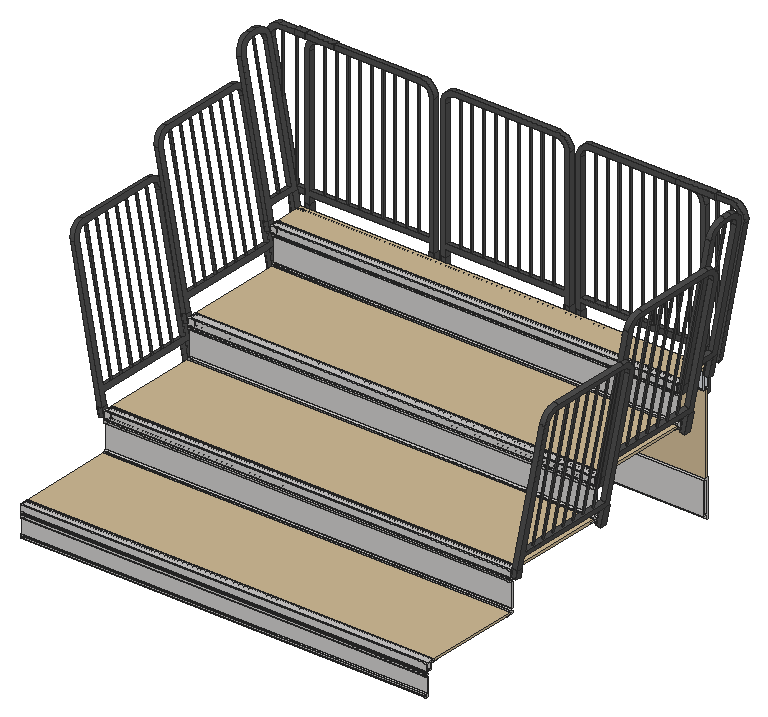
Revit family "Bleacher-Telescopic-Hussey-MAXAM_Plus-Portable-Simplified", category Specialty Equipment, Revit 2023
Family settings
  Round Connector Dimension = Use Diameter
  Part Type = Normal
  OmniClass Number = 23.40.50.34.14
  OmniClass Title = Gymnasium Equipment
  Work Plane-Based = No
  Enable Cutting in Views = No
  Always vertical = Yes
  Cut with Voids When Loaded = No
  Maintain Annotation Orientation = No
  Shared = No
  Room Calculation Point = No
Parameters (values of type "32" Row, 11 5/8" Rise")
  URL = "http://www.husseyseating.com/"
  Type Comments = "Bleacher Bank"  # constant formula
  Top Deck Height [instance] = if(Row Rise Constraint = 1, (Row Rise * Number of Tiers) + 0' 1", if(Row Rise Constraint = 2, (Row Rise * Number of Tiers) - 0' 1", Row Rise * Number of Tiers))  # 3' - 9 1/2"
  Tier Limitation Chart [instance] = "Contact Hussey Seating Company"  # constant formula
  Stanchion Color = Hussey - 301 Blue
  Show in Stowed Position [instance] = not(Show in Open Position)  # no
  Show in Open Position [instance] = yes
  Show End Rails Right [instance] = yes
  Show End Rails Left [instance] = yes
  Show Cup Holders [instance] = yes
  Show Arms [instance] = yes
  Seats Upright Visibility [instance] = and(Show in Open Position, Seats Upright)  # yes
  Seats Upright [instance] = not(Seats Folded Flat)  # yes
  Seats Folded Flat Visibility [instance] = or(Seats Folded Flat, Show in Stowed Position)  # no
  Seats Folded Flat [instance] = no
  Seat Width = 1' - 9"
  Seat Type = Bleacher Seat : Metro Chair
  Seat Down [instance] = yes
  Seat Color [instance] = Hussey - 301 Blue
  Scheduled Seat Width = if(Not Metro Chair, 1' 6", Seat Width)  # 1' - 9"
  Row Spacing Note = "Do Not Change Row Spacing Constraint"  # constant formula
  Row Spacing Graphic Dimension [instance] = if(Show in Stowed Position, (Closed Dimension - 0' 10 3/4" - (Row Spacing + 0' 1")) / (Number of Operable Tiers - 1), (Open Dimension - 0' 10 3/4" - (Row Spacing + 0' 1")) / (Number of Operable Tiers - 1))  # 2' - 8 17/32"
  Row Spacing Constraint = 2
  Row Spacing = if(Row Spacing Constraint = 1, 2' 6", if(Row Spacing Constraint = 2, 2' 8", if(Row Spacing Constraint = 3, 2' 9", 0' 0")))  # 2' - 8"
  Row Rise Note = "Do Not Change Row Rise Constraint"  # constant formula
  Row Rise Constraint = 2
  Row Rise = if(Row Rise Constraint = 1, 0' 9 5/8", if(Row Rise Constraint = 2, 0' 11 5/8", if(Row Rise Constraint = 3, 1' 4", 0' 0")))  # 0' - 11 5/8"
  Riser Material = Hussey - Galvanized Steel
  Rear Rail Width [instance] = Rear Rail Bay Dimension - 0' 2"  # 3' - 4"
  Rear Rail Bay Maximum Dimension [instance] = 3' - 4"  # constant formula
  Rear Rail Bay Dimension [instance] = Bank Length / Number of Rear Rails  # 3' - 6"
  Rear Panel Material = Hussey - Plywood - 001 Natural - Rear Panel
  Rear Panel Height [instance] = Top Deck Height - 1' 9 1/4"  # 2' - 0 1/4"
  Product Page URL = "http://www.husseyseating.com/maxam-telescopic-platform/"
  Overall Unit Height [instance] = if(Row Rise Constraint = 1, (Row Rise * Number of Tiers) + 0' 7 1/2", if(Row Rise Constraint = 2, (Row Rise * Number of Tiers) + 0' 5 1/2", (Row Rise * Number of Tiers) + 0' 6 1/2"))  # 4' - 4"
  Overall Unit Depth [instance] = if(Show in Stowed Position, Closed Dimension, Open Dimension)  # 9' - 0 13/16"
  Optional Rear Panel = yes
  Open Dimension [instance] = if(Row Spacing Constraint = 1, Row Spacing * (Number of Tiers - 1) + 1' 2 13/16", if(Row Spacing Constraint = 2, Row Spacing * (Number of Tiers - 1) + 1' 0 13/16", if(Row Spacing Constraint = 3, Row Spacing * (Number of Tiers - 1) + 0' 11 13/16", Row Spacing * (Number of Tiers - 1) + 0' 11 13/16")))  # 9' - 0 13/16"
  Number of Tiers [instance] = 4
  Number of Seats per Row [instance] = if(Calculated Chair Array Width > Calculated Chair Array Width Maximum, Calculated Number of Seats per Row - 1, Calculated Number of Seats per Row)  # 6
  Number of Rear Rails [instance] = Number of Rear Rail Bays - 1  # 3
  Number of Rear Rail Bays [instance] = (Bank Length / Rear Rail Bay Maximum Dimension) + 1  # 4
  Number of Operable Tiers [instance] = Number of Tiers - 1  # 3
  Number of Operable End Rails [instance] = Number of Operable Tiers - 1  # 2
  Not Metro Chair = not(Metro Chair)  # no
  Nose Beam Material = Hussey - Galvanized Steel
  Model = "MAXAM Plus"
  Metro Chair Top Deck Height [instance] = Top Deck Height - Row Rise  # 2' - 9 7/8"
  Metro Chair Standard Widths = "18'', 19'', 20'', 21'', 22''"  # constant formula
  Metro Chair Arms Note = "Not Available with 18'' Width"  # constant formula
  Metro Chair = yes
  Manufacturer Phone Number = "1.800.341.0401"  # constant formula
  Manufacturer Email Contact = "mailto:revit@husseyseating.com?Subject=Revit Inquiry"
  Manufacturer Address 1 = "38 Dyer Street Extension"  # constant formula
  Manufacturer Address  2 = "North Berwick, Maine 03906"  # constant formula
  Manufacturer = "Hussey Seating Company"  # constant formula
  Front Row Height [instance] = if(Row Rise = 1' 4", 1' 3 15/16", 0' 10 9/16")  # 0' - 10 9/16"
  Front Closure Material = Hussey - Galvanized Steel
  Front Closure Height [instance] = if(Show in Stowed Position, Front Row Height - 0' 4", Front Row Height - 0' 4")  # 0' - 6 9/16"
  Flex Row Note = "Not part of Revit Family - Contact Hussey Seating Co."
  Estimated Seat Count [instance] = if(Metro Chair, Number of Seats per Row * (Number of Tiers - 1), (Bank Length / 1' 6") * Number of Tiers)  # 18
  End Rail Color = Hussey - Bleacher Rail Color
  Description = "MAXAM Plus Telescopic Gym Bleacher Bank - Portable"
  Default Elevation = 0' - 0"
  Cup Holder Visibility [instance] = and(Armrest Visibility, Show Cup Holders)  # yes
  Creator URL = "http://www.revituspro.com/"
  Created By = "Revitus"  # constant formula
  Copyright Notice = "© Hussey Seating Co.  All Rights Reserved."  # constant formula
  Closed Dimension [instance] = if(and(Row Rise Constraint = 1, Row Spacing Constraint = 1), (Number of Tiers * 0' 0 1/2" + 4' 0"), if(and(Row Rise Constraint = 2, Row Spacing Constraint = 1), (Number of Tiers * 0' 0 1/2" + 4' 2"), if(and(Row Rise Constraint = 3, Row Spacing Constraint = 1), (Number of Tiers * 0' 0 1/2" + 4' 1"), if(and(Row Rise Constraint = 1, Row Spacing Constraint = 2), (Number of Tiers * 0' 0 1/2" + 3' 11"), if(and(Row Rise Constraint = 2, Row Spacing Constraint = 2), (Number of Tiers * 0' 0 1/2" + 4' 0"), if(and(Row Rise Constraint = 3, Row Spacing Constraint = 2), (Number of Tiers * 0' 0 1/2" + 3' 11"), if(and(Row Rise Constraint = 1, Row Spacing Constraint = 3), (Number of Tiers * 0' 0 1/2" + 3' 11"), if(and(Row Rise Constraint = 2, Row Spacing Constraint = 3), (Number of Tiers * 0' 0 1/2" + 3' 11"), if(and(Row Rise Constraint = 3, Row Spacing Constraint = 3), (Number of Tiers * 0' 0 1/2" + 3' 11"), (Number of Tiers * 0' 0 1/2") + 4' 0")))))))))  # 4' - 2"
  Calculated Chair Array Width [instance] = (Seat Width * Calculated Number of Seats per Row) - Seat Width  # 8' - 9"
  Calculated Number of Seats per Row [instance] = Bank Length / Seat Width  # 6
  Calculated Chair Array Width Maximum [instance] = Bank Length - Seat Width  # 8' - 9"
  CSI MasterFormat = "12 66 00"
  Bleacher Deck Material = Hussey - Plywood - 001 Natural - Bleacher Decking
  Bank Length Minimum = "10'-6''"  # constant formula
  Bank Length Maximum = "19'-5''"  # constant formula
  Bank Length Increment = "18'' Typical Increments"  # constant formula
  Bank Length [instance] = 10' - 6"
  BIM Version = "v3.1"  # constant formula
  Assembly Code = "E1020900"
  Armrest Visibility [instance] = and(Seat Width > 1' 6", Show Arms)  # yes
  Actual Chair Array Width [instance] = (Seat Width * Number of Seats per Row) - Seat Width  # 8' - 9"
  16" Row Rise Note = "Not Available for Portable Units"  # constant formula
Reference planes (in)
  plane 1 "Center (Front/Back)": y = -6.40625
  plane 2: z = 0
  plane 3 "Center (Left/Right)": x = -57
  plane 4 "Left": x = -120
  plane 5 "Right": x = 6
  plane 6 "Back": y = 48
  plane 7 "Front": y = -60.8125
  plane 8: z = 10.5625
  plane 9: y = -28.28125
  plane 10: z = 22.1875
  plane 11: y = 36.125
  plane 12: y = 4.25
  plane 13: z = 1
  plane 14 "Top Deck Height": z = 45.5
  plane 15 "End Rail Alignment - Left": through (-120, -180, 0) normal (-0.1908, 0, 0.9816)
  plane 16: z = 33.8125
  plane 17 "End Rail Alignment - Right": through (120, -180, 0) normal (-0.1908, 0, -0.9816)
  plane 18: x = -109.5
  plane 19: x = -4.5
  plane 20 "Top Tier Metro Chair Attachment (Front/Back)": y = 37.25
  plane 21 "Rear Rail - Left": x = -119
  plane 22 "Rear Rail - Right": x = 5
  plane 23: y = 49.0625
  plane 24: y = 48.1875
  plane 25: y = 49.9375
  plane 26 "Optional Rear Panel - Bottom": z = 14.5
  plane 27 "Optional Rear Panel - Top": z = 38.75
  plane 28 "Rear Lift Beam - Bottom": z = 3
  plane 29 "Optional Rear Panel - Back": y = 47.8125
  plane 30 "Optional Rear Panel - Front": y = 47.1875
  plane 31 "Rear Lift Beam - Top": z = 14.25
  plane 32 "Rear Lift Beam Channel - Bottom": z = 4.25
  plane 33 "Rear Lift Beam - Back": y = 48.0625
  plane 34 "Rear Lift Beam - Front": y = 46.3125
  plane 35: y = 46.5625
  plane 36: z = 4.5
  plane 37: z = 14
Forms (in)
  Extrusion 1, solid, material "Hussey - Plywood - 001 Natural - Rear Panel" <- "Rear Panel Material", visible <- "Optional Rear Panel"
    sketch origin (-66, 0, 0) x (0, 1, 0) y (0, 0, 1)
      loop
        line (47.1875, 14.5) -> (47.8125, 14.5) -> (47.8125, 38.75) -> (47.1875, 38.75) -> (47.1875, 14.5)
    from -54 to 72
  Extrusion 2, solid, material "Hussey - Galvanized Steel"
    sketch origin (-66, 0, -3.875) x (0, 1, 0) y (0, 0, 1)
      loop
        line (46.3125, 8.125) -> (47.8125, 8.125) -> (47.8125, 6.875) -> (48.0625, 6.875) -> (48.0625, 18.375) -> (47.8125, 18.375) -> (47.8125, 18.125) -> (46.3125, 18.125) -> (46.3125, 8.125)
      loop
        line (46.5625, 17.875) -> (46.5625, 8.375) -> (47.8125, 8.375) -> (47.8125, 17.875) -> (46.5625, 17.875)
    from -54 to 72
Lines and regions (in)
  reference lines, visible <- "Show End Rails Left"
    curve 1: line (-132, 48, 0) -> (-132, -60.8125, 0)
  reference lines, visible <- "Show End Rails Right"
    curve 2: line (18, 48, 0) -> (18, -60.8125, 0)
Dimensions and locks (in)
  equal spacing: plane 4 "Left", plane 3 "Center (Left/Right)", plane 5 "Right"
  "Bank Length": plane 4 "Left" to plane 5 "Right"
  equal spacing: plane 6 "Back", plane 1 "Center (Front/Back)", plane 7 "Front"
  "Overall Unit Depth": plane 6 "Back" to plane 7 "Front"
  "Row Spacing Graphic Dimension": plane 7 "Front" to plane 9
  locked: plane 11 to plane 6 "Back" at 11.875
  "Row Rise": plane 10 to plane 8
  "Front Row Height": plane 8 to level
  "Row Spacing Graphic Dimension": plane 9 to plane 12
  locked: plane 13 to level at 1
  equal spacing: group 1, group 2, group 3  (x3)
  "Top Deck Height": plane 14 "Top Deck Height" to level
  "Row Rise": plane 16 to plane 10
  group 4 to group 5 = 0' - 0"
  group 4 to group 5 = 2' - 8 17/32"
  group 4 to group 5 = 0' - 11 5/8"
  group 6 to group 7 = 0' - 0"
  group 6 to group 7 = 2' - 8 17/32"
  group 6 to group 7 = 0' - 11 5/8"
  locked: curve 1 to plane 4 "Left" at 12
  locked: plane 5 "Right" to curve 2 at 12
  equal spacing: group 8, group 9, group 10  (x3)
  equal spacing: plane 18, plane 3 "Center (Left/Right)", plane 19
  "Calculated Chair Array Width": plane 18 to plane 19
  locked: plane 20 "Top Tier Metro Chair Attachment (Front/Back)" to plane 6 "Back" at 10.75
  locked: plane 21 "Rear Rail - Left" to plane 4 "Left" at 1
  locked: plane 22 "Rear Rail - Right" to plane 5 "Right" at 1
  plane 6 "Back" to plane 24 to plane 25 = 0' - 0 3/16" locked, 0' - 1 3/4" locked
  equal spacing: plane 24, plane 23, plane 25
  equal spacing: group 11, group 13, group 12  (x3)
  plane 26 "Optional Rear Panel - Bottom" to plane 28 "Rear Lift Beam - Bottom" to level = 0' - 11 1/2" locked, 0' - 3" locked
  "Rear Panel Height": plane 27 "Optional Rear Panel - Top" to plane 26 "Optional Rear Panel - Bottom"
  plane 30 "Optional Rear Panel - Front" to plane 29 "Optional Rear Panel - Back" to plane 23 = 0' - 0 5/8" locked, 0' - 1 1/4" locked
  plane 26 "Optional Rear Panel - Bottom" to plane 31 "Rear Lift Beam - Top" to plane 32 "Rear Lift Beam Channel - Bottom" = 0' - 0 1/4" locked, 0' - 10" locked
  locked: plane 29 "Optional Rear Panel - Back" to plane 33 "Rear Lift Beam - Back" at 0.25
  locked: plane 34 "Rear Lift Beam - Front" to plane 35 at 0.25
  locked: plane 32 "Rear Lift Beam Channel - Bottom" to plane 36 at 0.25
  locked: plane 37 to plane 31 "Rear Lift Beam - Top" at 0.25
  group 14 to group 15 = 0' - 0"
  group 14 to group 15 = 2' - 8 17/32"
  group 14 to group 15 = 0' - 11 5/8"
  aligned and locked: level to plane 2
  aligned and locked: plane 13 to nested 1
  aligned and locked: nested 1 to plane 7 "Front"
  aligned and locked: nested 1 to plane 4 "Left"
  aligned and locked: nested 2 to plane 7 "Front"
  aligned and locked: plane 8 to nested 2
  aligned and locked: nested 2 to plane 4 "Left"
  aligned and locked: nested 4 to plane 9
  aligned and locked: plane 10 to nested 4
  aligned and locked: plane 11 to nested 3
  aligned and locked: plane 14 "Top Deck Height" to nested 3
  aligned and locked: plane 4 "Left" to nested 3
  aligned and locked: nested 6 to plane 9
  aligned and locked: plane 4 "Left" to nested 6
  aligned and locked: plane 4 "Left" to nested 7
  aligned and locked: plane 11 to nested 7
  aligned and locked: nested 6 to plane 10
  aligned and locked: nested 7 to plane 14 "Top Deck Height"
  aligned and locked: nested 8 to plane 16
  aligned and locked: plane 12 to nested 8
  aligned and locked: plane 10 to nested 9
  aligned and locked: nested 9 to plane 5 "Right"
  aligned and locked: nested 9 to plane 9
  aligned and locked: nested 10 to plane 12
  aligned and locked: plane 16 to nested 10
  aligned and locked: nested 10 to plane 5 "Right"
  aligned and locked: nested 11 to plane 11
  aligned and locked: nested 12 to plane 4 "Left"
  aligned and locked: plane 8 to nested 12
  aligned and locked: nested 12 to plane 7 "Front"
  aligned and locked: plane 4 "Left" to nested 13
  aligned and locked: plane 11 to nested 13
  aligned and locked: nested 14 to plane 9
  aligned and locked: plane 4 "Left" to nested 14
  aligned and locked: plane 10 to nested 14
  aligned and locked: nested 11 to nested 13
  aligned and locked: plane 14 "Top Deck Height" to nested 16
  aligned and locked: plane 23 to nested 16
  aligned and locked: plane 21 "Rear Rail - Left" to nested 16
  aligned and locked: plane 14 "Top Deck Height" to nested 17
  aligned and locked: plane 23 to nested 17
  aligned and locked: plane 22 "Rear Rail - Right" to nested 17
  aligned and locked: plane 21 "Rear Rail - Left" to nested 19
  aligned and locked: plane 14 "Top Deck Height" to nested 19
  aligned and locked: nested 19 to plane 23
  aligned and locked: nested 20 to plane 22 "Rear Rail - Right"
  aligned and locked: plane 14 "Top Deck Height" to nested 20
  aligned and locked: nested 20 to plane 23
  aligned and locked: plane 3 "Center (Left/Right)" to nested 21
  aligned and locked: nested 21 to plane 20 "Top Tier Metro Chair Attachment (Front/Back)"
  aligned and locked: Extrusion 1 sketch curve to plane 30 "Optional Rear Panel - Front"
  aligned and locked: Extrusion 1 sketch curve to plane 27 "Optional Rear Panel - Top"
  aligned and locked: Extrusion 1 sketch curve to plane 29 "Optional Rear Panel - Back"
  aligned and locked: Extrusion 1 sketch curve to plane 26 "Optional Rear Panel - Bottom"
  aligned and locked: Extrusion 2 sketch curve to plane 34 "Rear Lift Beam - Front"
  aligned and locked: Extrusion 2 sketch curve to plane 35
  aligned and locked: Extrusion 2 sketch curve to plane 31 "Rear Lift Beam - Top"
  aligned and locked: Extrusion 2 sketch curve to plane 37
  aligned and locked: Extrusion 2 sketch curve to plane 29 "Optional Rear Panel - Back"  (x3)
  aligned and locked: Extrusion 2 sketch curve to plane 33 "Rear Lift Beam - Back"
  aligned and locked: Extrusion 2 sketch curve to plane 26 "Optional Rear Panel - Bottom"
  aligned and locked: Extrusion 2 sketch curve to plane 28 "Rear Lift Beam - Bottom"
  aligned and locked: Extrusion 2 sketch curve to plane 36
  aligned and locked: Extrusion 2 sketch curve to plane 32 "Rear Lift Beam Channel - Bottom"
  aligned and locked: Extrusion 2 to plane 4 "Left"
  aligned and locked: Extrusion 1 to plane 4 "Left"
  aligned and locked: Extrusion 2 to plane 5 "Right"
  aligned and locked: Extrusion 1 to plane 5 "Right"
  aligned and locked: plane 3 "Center (Left/Right)" to nested 22
  aligned and locked: plane 8 to nested 22
  aligned and locked: nested 22 to nested 2
  aligned and locked: nested 23 to nested 4
  aligned and locked: plane 10 to nested 23
  aligned and locked: plane 3 "Center (Left/Right)" to nested 23
  aligned and locked: nested 9 to nested 11
Automatic sketch dimensions
  plane 7 "Front" to curve 2 = 0' - 0"
  curve 2 to plane 6 "Back" = 0' - 0"
  plane 7 "Front" to curve 1 = 0' - 0"
  curve 1 to plane 6 "Back" = 0' - 0"
Nested families (in)
  nested 1: "Bleacher-Front_Closure-Hussey" at (0, -48.8125, 1), Height <- "Front Closure Height", Bank Length <- "Bank Length", type "Bleacher-Front_Closure-Hussey"
    with Height 0' - 6 9/16", Bank Length 10' - 6"
  nested 2: "Bleacher_Tier-Hussey-MAXAM" at (0, -48.8125, 10.5625), Bank Length <- "Bank Length", type "Typical Operable Tier"
    with Bank Length 10' - 6", Row Spacing 2' - 8", Depth 2' - 8"
  nested 3: "Bleacher_Tier-Hussey-MAXAM" at (0, 48.125, 45.5), Bank Length <- "Bank Length", type "Fixed Wall Tier"
    with Bank Length 10' - 6", Show Wall Plate yes, Show Riser no, Depth 0' - 11 1/8"
  nested 4: "Bleacher_Tier-Hussey-MAXAM" at (0, -16.28125, 22.1875), Bank Length <- "Bank Length", type "Typical Operable Tier"
    with Bank Length 10' - 6", Row Spacing 2' - 8", Depth 2' - 8"
  nested 5: "Bleacher_Tier-Hussey-MAXAM" at (0, 16.25, 33.8125), Bank Length <- "Bank Length", type "Typical Operable Tier"
    with Bank Length 10' - 6", Row Spacing 2' - 8", Depth 2' - 8"
  nested 6: "Bleacher-End_Rail-Hussey-Self_Storing" at (-2.32744, -16.28125, 43.31432) x (0.9816, 0, 0.1908) z (-0.1908, 0, 0.9816), Depth <- "Row Spacing", visible <- "Show End Rails Left", type "Left End Rail"
    with Single Baluster no, Number of Balusters 7, Multiple Balusters yes, Depth 2' - 8", Baluster Spacing 0' - 4"
  nested 7: "Bleacher-End_Rail-Hussey-Self_Storing" at (-2.32744, 48.125, 66.62682) x (0.9816, 0, 0.1908) z (-0.1908, 0, 0.9816), visible <- "Show End Rails Left", type "Left End Rail"
    with Single Baluster yes, Number of Balusters 2, Multiple Balusters no, Depth 0' - 9 1/4", Baluster Spacing 0' - 4 3/8"
  nested 8: "Bleacher-End_Rail-Hussey-Self_Storing" at (-2.32744, 16.25, 54.93932) x (0.9816, 0, 0.1908) z (-0.1908, 0, 0.9816), Depth <- "Row Spacing", visible <- "Show End Rails Left", type "Left End Rail"
    with Single Baluster no, Number of Balusters 7, Multiple Balusters yes, Depth 2' - 8", Baluster Spacing 0' - 4"
  nested 9: "Bleacher-End_Rail-Hussey-Self_Storing" at (125.39041, -16.28125, -2.76605) x (0.9816, 0, -0.1908) z (0.1908, 0, 0.9816), visible <- "Show End Rails Right", Depth <- "Row Spacing", type "Right End Rail"
    with Single Baluster no, Number of Balusters 7, Multiple Balusters yes, Depth 2' - 8", Baluster Spacing 0' - 4", Right End Rail yes, Left End Rail no
  nested 10: "Bleacher-End_Rail-Hussey-Self_Storing" at (125.39041, 16.25, 8.85895) x (0.9816, 0, -0.1908) z (0.1908, 0, 0.9816), visible <- "Show End Rails Right", Depth <- "Row Spacing", type "Right End Rail"
    with Single Baluster no, Number of Balusters 7, Multiple Balusters yes, Depth 2' - 8", Baluster Spacing 0' - 4", Right End Rail yes, Left End Rail no
  nested 11: "Bleacher-End_Rail-Hussey-Self_Storing" at (125.39041, 48.125, 20.54645) x (0.9816, 0, -0.1908) z (0.1908, 0, 0.9816), visible <- "Show End Rails Right", type "Right End Rail"
    with Single Baluster yes, Number of Balusters 2, Multiple Balusters no, Depth 0' - 9 1/4", Baluster Spacing 0' - 4 3/8", Right End Rail yes, Left End Rail no
  nested 12: "Bleacher Seat" at (0, -48.8125, 10.5625), type <- "Seat Type", Bank Length <- "Bank Length", type "Metro Chair"
    with Bank Length 10' - 6", Show XC10 no, Show Metro Chair yes
  nested 13: "Bleacher Seat" at (0, 48.125, 45.5), type <- "Seat Type", Bank Length <- "Bank Length", built-in parameter 1001364 <- "Top Deck Height", type "Metro Chair"
    with Bank Length 10' - 6", Show XC10 no, Show Metro Chair yes
  nested 14: "Bleacher Seat" at (0, -16.28125, 22.1875), type <- "Seat Type", Bank Length <- "Bank Length", type "Metro Chair"
    with Bank Length 10' - 6", Show XC10 no, Show Metro Chair yes
  nested 15: "Bleacher Seat" at (0, 16.25, 33.8125), type <- "Seat Type", Bank Length <- "Bank Length", type "Metro Chair"
    with Bank Length 10' - 6", Show XC10 no, Show Metro Chair yes
  nested 16: "Bleacher-Rear_Rail-Hussey" at (-107, -71.6875, 37.125) x (0, -1, 0) z (0, 0, 1), type "Rear Rail"
    with Number of Balusters 9, Baluster Spacing 0' - 4", Width 3' - 4"
  nested 17: "Bleacher-Rear_Rail-Hussey" at (-23, -71.6875, 37.125) x (0, -1, 0) z (0, 0, 1), type "Rear Rail"
    with Number of Balusters 9, Baluster Spacing 0' - 4", Width 3' - 4"
  nested 18: "Bleacher-Rear_Rail-Hussey" at (-65, -71.6875, 37.125) x (0, -1, 0) z (0, 0, 1), type "Rear Rail"
    with Number of Balusters 9, Baluster Spacing 0' - 4", Width 3' - 4"
  nested 19: "Bleacher-Rear_Rail_Filler-Hussey" at (-107, -71.6875, 37.125) x (0, -1, 0) z (0, 0, 1), visible <- "Show End Rails Left", type "Rear Rail Filler"
  nested 20: "Bleacher-Rear_Rail_Filler-Hussey" at (-7, 169.8125, 37.125) x (0, 1, 0) z (0, 0, 1), visible <- "Show End Rails Right", type "Rear Rail Filler"
  nested 21: "Metro Chair-Single Row Array-Simplified" at (-57, 37.25, 33.875), visible <- "Metro Chair", built-in parameter 1001364 <- "Metro Chair Top Deck Height", type "Metro Chair-Single Row Array-Simplified"
    with Seats Upright yes, Seats Folded Flat no, Number of Seats per Row 6, Chair Array Width to First and Last Centers 8' - 9"
  nested 22: "Metro Chair-Single Row Array-Simplified" at (-57, -27.78125, 10.5625), visible <- "Metro Chair", Seats Upright <- "Seats Upright Visibility", Seats Folded Flat <- "Seats Folded Flat Visibility", type "Metro Chair-Single Row Array-Simplified"
    with Seats Upright yes, Seats Folded Flat no, Number of Seats per Row 6, Chair Array Width to First and Last Centers 8' - 9"
  nested 23: "Metro Chair-Single Row Array-Simplified" at (-57, 4.75, 22.1875), visible <- "Metro Chair", Seats Upright <- "Seats Upright Visibility", Seats Folded Flat <- "Seats Folded Flat Visibility", type "Metro Chair-Single Row Array-Simplified"
    with Seats Upright yes, Seats Folded Flat no, Number of Seats per Row 6, Chair Array Width to First and Last Centers 8' - 9"
Definition of nested family "Bleacher-Front_Closure-Hussey"
  Parameters
    URL = "http://www.husseyseating.com/"
    Model = ""
    Manufacturer = "Hussey Seating Company"  # constant formula
    Height [instance] = 0' - 6 5/8"
    Front Closure Material = none
    Description = "Front Closure Extrusion Under First Tier"
    Default Elevation = 0' - 0"
    Created By = "Revitus"  # constant formula
    Creator URL = "http://www.revituspro.com/"
    Bank Length [instance] = 20' - 0"
    Assembly Code = ""
  Reference planes (in)
    plane 1: z = 0
    plane 2 "Center (Left/Right)": x = 0
    plane 3 "Left": x = -120
    plane 4 "Right": x = 120
    plane 5 "Front": y = -12
    plane 6: z = 6.625
    plane 7: z = 6.53125
    plane 8: y = -11.90625
    plane 9: y = -11.59415
    plane 10: y = -11.5004
    plane 11: z = 6.125
    plane 12: z = 0.5
    plane 13: z = 0.09375
  Forms (in)
    Extrusion 1, solid, material <- "Front Closure Material"
      sketch origin (0, -12.09375, 9.751) x (0, 1, 0) y (0, 0, 1)
        loop
          arc (0.09375, -3.8615) -> (0.1114, -3.93365) -> (0.16038, -3.98949) r 0.15625
          line (0.16038, -3.98949) -> (0.47295, -4.20836)
          arc (0.47295, -4.20836) -> (0.49254, -4.23069) -> (0.4996, -4.25955) r 0.0625
          line (0.4996, -4.25955) -> (0.4996, -8.61745)
          arc (0.4996, -8.61745) -> (0.49254, -8.64631) -> (0.47295, -8.66864) r 0.0625
          line (0.47295, -8.66864) -> (0.16038, -8.88751)
          arc (0.16038, -8.88751) -> (0.1114, -8.94335) -> (0.09375, -9.0155) r 0.15625
          line (0.09375, -9.0155) -> (0.09375, -9.59475)
          arc (0.09375, -9.59475) -> (0.13951, -9.70524) -> (0.25, -9.751) r 0.15625
          line (0.25, -9.751) -> (0.4371, -9.751)
          arc (0.4371, -9.751) -> (0.54759, -9.70524) -> (0.59335, -9.59475) r 0.15625
          line (0.59335, -9.59475) -> (0.59335, -9.251) -> (0.4996, -9.251) -> (0.4996, -9.59475)
          arc (0.4996, -9.59475) -> (0.48129, -9.63894) -> (0.4371, -9.65725) r 0.0625
          line (0.4371, -9.65725) -> (0.25, -9.65725)
          arc (0.25, -9.65725) -> (0.20581, -9.63894) -> (0.1875, -9.59475) r 0.0625
          line (0.1875, -9.59475) -> (0.1875, -9.0155)
          arc (0.1875, -9.0155) -> (0.19456, -8.98664) -> (0.21415, -8.9643) r 0.0625
          line (0.21415, -8.9643) -> (0.52672, -8.74544)
          arc (0.52672, -8.74544) -> (0.5757, -8.68959) -> (0.59335, -8.61745) r 0.15625
          line (0.59335, -8.61745) -> (0.59335, -4.25955)
          arc (0.59335, -4.25955) -> (0.5757, -4.18741) -> (0.52672, -4.13156) r 0.15625
          line (0.52672, -4.13156) -> (0.21415, -3.9127)
          arc (0.21415, -3.9127) -> (0.19456, -3.89036) -> (0.1875, -3.8615) r 0.0625
          line (0.1875, -3.8615) -> (0.1875, -3.28225)
          arc (0.1875, -3.28225) -> (0.20581, -3.23806) -> (0.25, -3.21975) r 0.0625
          line (0.25, -3.21975) -> (0.4371, -3.21975)
          arc (0.4371, -3.21975) -> (0.48129, -3.23806) -> (0.4996, -3.28225) r 0.0625
          line (0.4996, -3.28225) -> (0.4996, -3.626) -> (0.59335, -3.626) -> (0.59335, -3.28225)
          arc (0.59335, -3.28225) -> (0.54759, -3.17176) -> (0.4371, -3.126) r 0.15625
          line (0.4371, -3.126) -> (0.25, -3.126)
          arc (0.25, -3.126) -> (0.13951, -3.17176) -> (0.09375, -3.28225) r 0.15625
          line (0.09375, -3.28225) -> (0.09375, -3.8615)
      from -120 to 120
  Dimensions and locks (in)
    "Bank Length": plane 3 "Left" to plane 4 "Right"
    equal spacing: plane 3 "Left", plane 2 "Center (Left/Right)", plane 4 "Right"
    "Height": plane 6 to level
    plane 5 "Front" to plane 8 to plane 9 to plane 10 = 0' - 0 3/32" locked, 0' - 0.3121" locked, 0' - 0 3/32" locked
    plane 6 to plane 7 to plane 11 = 0' - 0 3/32" locked, 0' - 0 13/32" locked
    plane 12 to plane 13 to level = 0' - 0 13/32" locked, 0' - 0 3/32" locked
    aligned and locked: plane 1 to level
    aligned and locked: Extrusion 1 to plane 3 "Left"
    aligned and locked: Extrusion 1 to plane 4 "Right"
    aligned and locked: plane 6 to Extrusion 1
  Automatic sketch dimensions
    Extrusion 1 sketch curve to Extrusion 1 sketch curve = 0' - 0"  (x16)
    Extrusion 1 sketch curve to plane 5 "Front" = 0' - 0"  (x2)
    Extrusion 1 sketch curve to plane 8 = 0' - 0"  (x2)
    Extrusion 1 sketch curve to level = 0' - 0"
    Extrusion 1 sketch curve to plane 6 = 0' - 0"
    Extrusion 1 sketch curve to plane 9 = 0' - 0"  (x3)
    Extrusion 1 sketch curve to plane 10 = 0' - 0"
    Extrusion 1 sketch curve to plane 12 = 0' - 0"
    Extrusion 1 sketch curve to plane 11 = 0' - 0"
    plane 8 to Extrusion 1 sketch curve = 0' - 0.02712"  (x2)
    Extrusion 1 sketch curve to plane 8 = 0' - 0.02665"  (x2)
    Extrusion 1 sketch curve to Extrusion 1 sketch curve = 0' - 0 1/16"  (x3)
    Extrusion 1 sketch curve to plane 8 = 0' - 0 1/16"  (x2)
    plane 9 to Extrusion 1 sketch curve = 0' - 0 1/16"  (x3)
    plane 9 to Extrusion 1 sketch curve = 0' - 0.02665"  (x2)
    Extrusion 1 sketch curve to plane 9 = 0' - 0.02712"  (x2)
    plane 12 to Extrusion 1 sketch curve = 0' - 0.2355"
    Extrusion 1 sketch curve to Extrusion 1 sketch curve = 0' - 0.21886"
    Extrusion 1 sketch curve to plane 11 = 0' - 0.63355"
    Extrusion 1 sketch curve to plane 11 = 0' - 0.36349"
Definition of nested family "Bleacher_Tier-Hussey-MAXAM"
  Parameters
    URL = "http://www.husseyseating.com/"
    Show Wall Plate = not(Show Riser)  # no
    Show Riser = yes
    Row Spacing = 2' - 0"
    Row Rise = 0' - 11 5/8"
    Riser Material = none
    Nose Beam Material = none
    Manufacturer = "Hussey Seating Company"  # constant formula
    Depth = if(Show Wall Plate, 0' 11 1/8", Row Spacing)  # 2' - 0"
    Default Elevation = 0' - 0"
    Decking Material = none
    Created By = "Revitus"  # constant formula
    Creator URL = "http://www.revituspro.com/"
    Bank Length [instance] = 20' - 0"
    Assembly Code = ""
  Reference planes (in)
    plane 1 "Center (Front/Back)": y = 0
    plane 2: z = 0
    plane 3 "Center (Left/Right)": x = 0
    plane 4 "Left": x = -120
    plane 5 "Right": x = 120
    plane 6 "Front": y = -12
    plane 7 "Row Spacing Back": y = 12
    plane 8: z = 11.625
    plane 9: z = -0.625
    plane 10: y = -9.25
    plane 11 "Face of Wall": y = 12.75
    plane 12: y = 13.03125
    plane 13: y = 13.125
    plane 14: z = -2.4375
    plane 15: y = -8.25
    plane 16: z = -0.09375
    plane 17: z = -0.1875
    plane 18: y = -10.5625
    plane 19: y = -10.65625
    plane 20: y = -11.90625
    plane 21: y = -9.34375
    plane 22: z = -0.71875
    plane 23: z = -2.34375
    plane 24: y = -9.4375
    plane 25: z = 8.75
    plane 26: z = 8.65625
    plane 27: z = 0.09375
    plane 28: y = 14.53125
    plane 29: y = 14.625
    plane 30: z = 8.25
    plane 31: y = 11.125
    plane 32 "Wall Plate - Front": y = 11
    plane 33: y = 12.625
    plane 34: z = -0.75
    plane 35: z = -6.125
    plane 36: z = -6.25
  Forms (in)
    Extrusion 1, solid, material <- "Decking Material"
      sketch origin (0, 0, 0) x (0, 1, 0) y (0, 0, 1)
        loop
          line (-9.25, 0) -> (-9.25, -0.625) -> (12.75, -0.625) -> (12.75, 0) -> (-9.25, 0)
      from -120 to 120
    Extrusion 2, solid, material <- "Nose Beam Material"
      sketch origin (0, 0, 0) x (0, 1, 0) y (0, 0, 1)
        loop
          arc (-11.8125, 0) -> (-11.94508, -0.05492) -> (-12, -0.1875) r 0.1875
          line (-12, -0.1875) -> (-12, -2.25)
          arc (-12, -2.25) -> (-11.94508, -2.38258) -> (-11.8125, -2.4375) r 0.1875
          line (-11.8125, -2.4375) -> (-10.75, -2.4375)
          arc (-10.75, -2.4375) -> (-10.61742, -2.38258) -> (-10.5625, -2.25) r 0.1875
          line (-10.5625, -2.25) -> (-10.5625, -0.28125)
          arc (-10.5625, -0.28125) -> (-10.53504, -0.21496) -> (-10.46875, -0.1875) r 0.09375
          line (-10.46875, -0.1875) -> (-9.4375, -0.1875) -> (-9.4375, -0.09375)
          arc (-9.4375, -0.09375) -> (-9.37121, -0.12121) -> (-9.34375, -0.1875) r 0.09375
          line (-9.34375, -0.1875) -> (-9.34375, -0.53125)
          arc (-9.34375, -0.53125) -> (-9.28883, -0.66383) -> (-9.15625, -0.71875) r 0.1875
          line (-9.15625, -0.71875) -> (-8.25, -0.71875) -> (-8.25, -0.625) -> (-9.15625, -0.625)
          arc (-9.15625, -0.625) -> (-9.22254, -0.59754) -> (-9.25, -0.53125) r 0.09375
          line (-9.25, -0.53125) -> (-9.25, -0.1875)
          arc (-9.25, -0.1875) -> (-9.30492, -0.05492) -> (-9.4375, 0) r 0.1875
          line (-9.4375, 0) -> (-11.8125, 0)
        loop
          arc (-11.8125, -0.09375) -> (-11.87879, -0.12121) -> (-11.90625, -0.1875) r 0.09375
          line (-11.90625, -0.1875) -> (-11.90625, -2.25)
          arc (-11.90625, -2.25) -> (-11.87879, -2.31629) -> (-11.8125, -2.34375) r 0.09375
          line (-11.8125, -2.34375) -> (-10.75, -2.34375)
          arc (-10.75, -2.34375) -> (-10.68371, -2.31629) -> (-10.65625, -2.25) r 0.09375
          line (-10.65625, -2.25) -> (-10.65625, -0.28125)
          arc (-10.65625, -0.28125) -> (-10.60133, -0.14867) -> (-10.46875, -0.09375) r 0.1875
          line (-10.46875, -0.09375) -> (-11.8125, -0.09375)
      from -120 to 120
    Extrusion 3, solid, material <- "Riser Material", visible <- "Show Riser"
      sketch origin (0, 0, 0) x (0, 1, 0) y (0, 0, 1)
        loop
          arc (12.43197, 8.75) -> (12.25086, 8.61103) -> (12.33822, 8.40012) r 0.1875
          line (12.33822, 8.40012) -> (12.98437, 8.02706)
          arc (12.98437, 8.02706) -> (13.01869, 7.99275) -> (13.03125, 7.94587) r 0.09375
          line (13.03125, 7.94587) -> (13.03125, 0.80413)
          arc (13.03125, 0.80413) -> (13.01869, 0.75725) -> (12.98437, 0.72294) r 0.09375
          line (12.98437, 0.72294) -> (12.33822, 0.34988)
          arc (12.33822, 0.34988) -> (12.25086, 0.13897) -> (12.43197, 0) r 0.1875
          line (12.43197, 0) -> (12.9375, 0)
          arc (12.9375, 0) -> (13.00379, -0.02746) -> (13.03125, -0.09375) r 0.09375
          line (13.03125, -0.09375) -> (13.03125, -0.53125)
          arc (13.03125, -0.53125) -> (13.00379, -0.59754) -> (12.9375, -0.625) r 0.09375
          line (12.9375, -0.625) -> (11.125, -0.625) -> (11.125, -0.71875) -> (12.9375, -0.71875)
          arc (12.9375, -0.71875) -> (13.07008, -0.66383) -> (13.125, -0.53125) r 0.1875
          line (13.125, -0.53125) -> (13.125, -0.09375)
          arc (13.125, -0.09375) -> (13.07008, 0.03883) -> (12.9375, 0.09375) r 0.1875
          line (12.9375, 0.09375) -> (12.43197, 0.09375)
          arc (12.43197, 0.09375) -> (12.34142, 0.16324) -> (12.3851, 0.26869) r 0.09375
          line (12.3851, 0.26869) -> (13.03125, 0.64175)
          arc (13.03125, 0.64175) -> (13.09988, 0.71038) -> (13.125, 0.80413) r 0.1875
          line (13.125, 0.80413) -> (13.125, 7.94587)
          arc (13.125, 7.94587) -> (13.09988, 8.03962) -> (13.03125, 8.10825) r 0.1875
          line (13.03125, 8.10825) -> (12.3851, 8.48131)
          arc (12.3851, 8.48131) -> (12.34142, 8.58676) -> (12.43197, 8.65625) r 0.09375
          line (12.43197, 8.65625) -> (14.4375, 8.65625)
          arc (14.4375, 8.65625) -> (14.50379, 8.62879) -> (14.53125, 8.5625) r 0.09375
          line (14.53125, 8.5625) -> (14.53125, 8.25) -> (14.625, 8.25) -> (14.625, 8.5625)
          arc (14.625, 8.5625) -> (14.57008, 8.69508) -> (14.4375, 8.75) r 0.1875
          line (14.4375, 8.75) -> (12.43197, 8.75)
      from -120 to 120
    Extrusion 4, solid, visible <- "Show Wall Plate"
      sketch origin (0, 0, 0) x (0, 1, 0) y (0, 0, 1)
        loop
          arc (11, -6) -> (11.07322, -6.17678) -> (11.25, -6.25) r 0.25
          line (11.25, -6.25) -> (12.5, -6.25)
          arc (12.5, -6.25) -> (12.67678, -6.17678) -> (12.75, -6) r 0.25
          line (12.75, -6) -> (12.75, -0.875)
          arc (12.75, -0.875) -> (12.67678, -0.69822) -> (12.5, -0.625) r 0.25
          line (12.5, -0.625) -> (11.25, -0.625)
          arc (11.25, -0.625) -> (11.07322, -0.69822) -> (11, -0.875) r 0.25
          line (11, -0.875) -> (11, -6)
        loop
          arc (11.125, -6) -> (11.16161, -6.08839) -> (11.25, -6.125) r 0.125
          line (11.25, -6.125) -> (12.5, -6.125)
          arc (12.5, -6.125) -> (12.58839, -6.08839) -> (12.625, -6) r 0.125
          line (12.625, -6) -> (12.625, -0.875)
          arc (12.625, -0.875) -> (12.58839, -0.78661) -> (12.5, -0.75) r 0.125
          line (12.5, -0.75) -> (11.25, -0.75)
          arc (11.25, -0.75) -> (11.16161, -0.78661) -> (11.125, -0.875) r 0.125
          line (11.125, -0.875) -> (11.125, -6)
      from -120 to 120
  Dimensions and locks (in)
    "Bank Length": plane 4 "Left" to plane 5 "Right"
    equal spacing: plane 4 "Left", plane 3 "Center (Left/Right)", plane 5 "Right"
    equal spacing: plane 6 "Front", plane 1 "Center (Front/Back)", plane 7 "Row Spacing Back"
    "Depth": plane 7 "Row Spacing Back" to plane 6 "Front"
    "Row Rise": plane 8 to level
    plane 6 "Front" to plane 10 to plane 15 = 0' - 2 3/4" locked, 0' - 1" locked
    plane 7 "Row Spacing Back" to plane 11 "Face of Wall" to plane 12 to plane 13 = 0' - 0 3/4" locked, 0' - 0 9/32" locked, 0' - 0 3/32" locked
    level to plane 9 to plane 14 = 0' - 0 5/8" locked, 0' - 1 13/16" locked
    level to plane 16 to plane 17 = 0' - 0 3/32" locked, 0' - 0 3/32" locked
    plane 6 "Front" to plane 20 to plane 19 to plane 18 = 0' - 0 3/32" locked, 0' - 1 1/4" locked, 0' - 0 3/32" locked
    plane 24 to plane 21 to plane 10 = 0' - 0 3/32" locked, 0' - 0 3/32" locked
    locked: plane 9 to plane 22 at 0.09375
    locked: plane 23 to plane 14 at 0.09375
    plane 8 to plane 25 to plane 26 = 0' - 2 7/8" locked, 0' - 0 3/32" locked
    locked: plane 27 to level at 0.09375
    plane 12 to plane 28 to plane 29 = 0' - 1 1/2" locked, 0' - 0 3/32" locked
    locked: plane 25 to plane 30 at 0.5
    plane 9 to plane 34 to plane 35 to plane 36 = 0' - 0 1/8" locked, 0' - 5 3/8" locked, 0' - 0 1/8" locked
    plane 32 "Wall Plate - Front" to plane 31 to plane 33 to plane 11 "Face of Wall" = 0' - 0 1/8" locked, 0' - 1 1/2" locked, 0' - 0 1/8" locked
    aligned and locked: plane 2 to level
    aligned and locked: Extrusion 1 sketch curve to level
    aligned and locked: Extrusion 1 sketch curve to plane 10
    aligned and locked: Extrusion 1 sketch curve to plane 9
    aligned and locked: Extrusion 1 sketch curve to plane 11 "Face of Wall"
    aligned and locked: Extrusion 1 to plane 4 "Left"
    aligned and locked: Extrusion 1 to plane 5 "Right"
    aligned and locked: Extrusion 2 sketch curve to level
    aligned and locked: Extrusion 2 sketch curve to plane 16
    aligned and locked: Extrusion 2 sketch curve to plane 17
    aligned and locked: Extrusion 2 sketch curve to plane 6 "Front"
    aligned and locked: plane 20 to Extrusion 2 sketch curve
    aligned and locked: plane 19 to Extrusion 2 sketch curve
    aligned and locked: plane 18 to Extrusion 2 sketch curve
    aligned and locked: plane 21 to Extrusion 2 sketch curve
    aligned and locked: Extrusion 2 sketch curve to plane 10
    aligned and locked: Extrusion 2 sketch curve to plane 15
    aligned and locked: Extrusion 2 sketch curve to plane 23
    aligned and locked: Extrusion 2 sketch curve to plane 14
    aligned and locked: Extrusion 2 sketch curve to plane 9
    aligned and locked: Extrusion 2 sketch curve to plane 22
    aligned and locked: plane 24 to Extrusion 2 sketch curve
    aligned and locked: Extrusion 2 to plane 4 "Left"
    aligned and locked: Extrusion 2 to plane 5 "Right"
    aligned and locked: Extrusion 3 sketch curve to plane 25
    aligned and locked: Extrusion 3 sketch curve to plane 26
    aligned and locked: Extrusion 3 sketch curve to plane 13
    aligned and locked: Extrusion 3 sketch curve to plane 12
    aligned and locked: Extrusion 3 sketch curve to plane 29
    aligned and locked: Extrusion 3 sketch curve to plane 28
    aligned and locked: plane 22 to Extrusion 3 sketch curve
    aligned and locked: Extrusion 3 sketch curve to plane 9
    aligned and locked: Extrusion 3 sketch curve to level
    aligned and locked: Extrusion 3 sketch curve to plane 27
    aligned and locked: Extrusion 3 sketch curve to plane 30
    aligned and locked: plane 31 to Extrusion 3 sketch curve
    aligned and locked: Extrusion 3 to plane 4 "Left"
    aligned and locked: Extrusion 3 to plane 5 "Right"
    aligned and locked: Extrusion 4 sketch curve to plane 32 "Wall Plate - Front"
    aligned and locked: Extrusion 4 sketch curve to plane 31
    aligned and locked: Extrusion 4 sketch curve to plane 36
    aligned and locked: Extrusion 4 sketch curve to plane 35
    aligned and locked: Extrusion 4 sketch curve to plane 33
    aligned and locked: Extrusion 4 sketch curve to plane 11 "Face of Wall"
    aligned and locked: Extrusion 4 sketch curve to plane 34
    aligned and locked: Extrusion 4 sketch curve to plane 9
    aligned and locked: Extrusion 4 to plane 4 "Left"
    aligned and locked: Extrusion 4 to plane 5 "Right"
  Automatic sketch dimensions
    Extrusion 2 sketch curve to Extrusion 2 sketch curve = 0' - 0"  (x8)
    Extrusion 2 sketch curve to plane 17 = 0' - 0"
    Extrusion 2 sketch curve to plane 16 = 0' - 0"
    plane 20 to Extrusion 2 sketch curve = 0' - 0 3/32"
    Extrusion 2 sketch curve to Extrusion 2 sketch curve = 0' - 0 3/32"
    Extrusion 2 sketch curve to plane 17 = 0' - 0 3/32"
    Extrusion 2 sketch curve to plane 10 = 0' - 0 3/32"
    Extrusion 3 sketch curve to Extrusion 3 sketch curve = 0' - 0"  (x11)
    Extrusion 3 sketch curve to plane 12 = 0' - 0"  (x3)
    Extrusion 3 sketch curve to plane 13 = 0' - 0"
    plane 16 to Extrusion 3 sketch curve = 0' - 0"
    plane 12 to Extrusion 3 sketch curve = 0' - 0 3/32"  (x3)
    plane 11 "Face of Wall" to Extrusion 3 sketch curve = 0' - 0.31803"  (x2)
    Extrusion 3 sketch curve to Extrusion 3 sketch curve = 0' - 0 3/64"  (x4)
    plane 12 to Extrusion 3 sketch curve = 0' - 0 3/64"  (x2)
    Extrusion 3 sketch curve to Extrusion 3 sketch curve = 0' - 0 3/32"
    plane 27 to Extrusion 3 sketch curve = 0' - 0 3/32"
    plane 27 to Extrusion 3 sketch curve = 0' - 0.548"
    Extrusion 3 sketch curve to plane 26 = 0' - 0.71038"
    Extrusion 3 sketch curve to plane 26 = 0' - 0.25613"
    Extrusion 4 sketch curve to Extrusion 4 sketch curve = 0' - 0"  (x4)
    Extrusion 4 sketch curve to plane 31 = 0' - 0 1/8"  (x2)
    plane 33 to Extrusion 4 sketch curve = 0' - 0 1/8"  (x2)
Definition of nested family "Bleacher-End_Rail-Hussey-Self_Storing"
  Parameters
    URL = "http://www.husseyseating.com/"
    Single Baluster [instance] = not(Multiple Balusters)  # no
    Right End Rail = no
    Number of Balusters [instance] = if(Single Baluster, 2, (Depth / 0' 4") - 1)  # 5
    Multiple Balusters [instance] = not(Depth < 0' 10")  # yes
    Model = ""
    Manufacturer = "Hussey Seating Company"  # constant formula
    Left End Rail = yes
    Height = 4' - 2 13/16"
    End Rail Color = none
    Description = "Self-Storing End Rail"
    Depth [instance] = 2' - 0"
    Default Elevation = 4' - 0"
    Created By = "Revitus"  # constant formula
    Creator URL = "http://www.revituspro.com/"
    Baluster Spacing [instance] = if(Depth < 1' 0", (Depth - 0' 0 1/2") / 2, 0' 4")  # 0' - 4"
    Baluster Height = Height - 0' 9"  # 3' - 5 13/16"
    Assembly Code = ""
  Reference planes (in)
    plane 1: z = 0
    plane 2 "Left": x = -120
    plane 3 "Front": y = -12
    plane 4 "Top": z = 50.8125
    plane 5: x = -121.5
    plane 6: x = -120.75
    plane 7: y = 12
    plane 8: y = 13
    plane 9: y = 14.5
    plane 10: y = -10.5
    plane 11: z = 49.3125
    plane 12: z = 6
    plane 13: z = 7.5
    plane 14 "First Baluster": y = -6.5
    plane 15 "Last Baluster": y = 9
    plane 16: y = -10.375
    plane 17: y = -12.125
    plane 18: x = -121.625
    plane 19: x = -119.875
    plane 20: y = 14.625
    plane 21: y = 12.875
    plane 22: z = -0.125
    plane 23: z = 2.5
    plane 24: y = -11.90625
    plane 25: y = -11.78125
    plane 26: y = 13.125
    plane 27: y = 13.25
    plane 28: through (-118.20388, -180, -1.88453) normal (-0.9816, 0, 0.1908)
    plane 29: through (-123.29612, -180, -1.88453) normal (-0.9816, 0, -0.1908)
  Forms (in)
    Sweep 1, solid, material <- "End Rail Color"
      path origin (-120, 0, 0) x (0, 1, 0) y (0, 0, 1)
        loop
          line (14.5, 0) -> (14.5, 46.4375)
          arc (14.5, 46.4375) -> (13.21859, 49.53109) -> (10.125, 50.8125) r 4.375
          line (10.125, 50.8125) -> (-7.625, 50.8125)
          arc (-7.625, 50.8125) -> (-10.71859, 49.53109) -> (-12, 46.4375) r 4.375
          line (-12, 46.4375) -> (-12, 0)
      profile origin (-120, -12, 23.21875) x (1, 0, 0) y (0, 1, 0)
        loop
          line (-1.5, 0) -> (0, 0) -> (0, 1.5) -> (-1.5, 1.5) -> (-1.5, 0)
    Extrusion 2, solid, material <- "End Rail Color"
      sketch origin (0, -12, 0) x (-1, 0, 0) y (0, 0, 1)
        loop
          line (121.5, 7.5) -> (120, 7.5) -> (120, 6) -> (121.5, 6) -> (121.5, 7.5)
      from 1.5 to 25
    Extrusion 3, solid, detail levels medium+fine
      sketch origin (0, 0, 0) x (1, 0, 0) y (0, 1, 0)
        loop
          line (-121.625, -12.125) -> (-119.875, -12.125) -> (-119.875, -10.375) -> (-121.625, -10.375) -> (-121.625, -12.125)
        loop
          line (-120, -10.5) -> (-121.5, -10.5) -> (-121.5, -12) -> (-120, -12) -> (-120, -10.5)
      from 0 to 2.5
    Extrusion 4, solid, detail levels medium+fine
      sketch origin (0, 0, 0) x (1, 0, 0) y (0, 1, 0)
        loop
          line (-121.625, -12.125) -> (-119.875, -12.125) -> (-119.875, -10.375) -> (-121.625, -10.375) -> (-121.625, -12.125)
      from -0.125 to 0
    Extrusion 5, solid, detail levels medium+fine
      sketch origin (0, 0, 0) x (1, 0, 0) y (0, 1, 0)
        loop
          line (-121.625, 14.625) -> (-121.625, 12.875) -> (-119.875, 12.875) -> (-119.875, 14.625) -> (-121.625, 14.625)
      from -0.125 to 0
    Extrusion 6, solid, detail levels medium+fine
      sketch origin (0, 0, 0) x (1, 0, 0) y (0, 1, 0)
        loop
          line (-121.625, 14.625) -> (-121.625, 12.875) -> (-119.875, 12.875) -> (-119.875, 14.625) -> (-121.625, 14.625)
        loop
          line (-120, 14.5) -> (-121.5, 14.5) -> (-121.5, 13) -> (-120, 13) -> (-120, 14.5)
      from 0 to 6
    Extrusion 7, solid, visible <- "Left End Rail", detail levels medium+fine
      sketch origin (0, -12, 0) x (-1, 0, 0) y (0, 0, 1)
        loop
          line (119.875, 0.15551) -> (119.875, 1.68359) -> (117.5964, 1.24068) -> (117.88262, -0.23177) -> (119.875, 0.15551)
      from 0.09375 to 0.21875
    Extrusion 8, solid, visible <- "Right End Rail", detail levels medium+fine
      sketch origin (-241.5, -12, 0) x (1, 0, 0) y (0, 0, -1)
        loop
          line (119.875, -0.15551) -> (117.88262, 0.23177) -> (117.5964, -1.24068) -> (119.875, -1.68359) -> (119.875, -0.15551)
      from 0.09375 to 0.21875
    Extrusion 9, solid, visible <- "Left End Rail", detail levels medium+fine
      sketch origin (0, -1, 0) x (-1, 0, 0) y (0, 0, -1)
        loop
          line (119.875, -0.15551) -> (117.88262, 0.23177) -> (117.5964, -1.24068) -> (119.875, -1.68359) -> (119.875, -0.15551)
      from -14.25 to -14.125
    Extrusion 10, solid, visible <- "Right End Rail", detail levels medium+fine
      sketch origin (-241.5, -1, 0) x (1, 0, 0) y (0, 0, 1)
        loop
          line (119.875, 0.15551) -> (119.875, 1.68359) -> (117.5964, 1.24068) -> (117.88262, -0.23177) -> (119.875, 0.15551)
      from -14.25 to -14.125
  Cuts and joins
    joined: Sweep 1, Extrusion 2
    joined: Extrusion 3, Extrusion 4
    joined: Extrusion 5, Extrusion 6
  Lines and regions (in)
    reference lines
      curve 1: line (-119.875, -12, 0) -> (-117.58529, -12, 11.77953)
      curve 5: line (-121.625, -12, 0) -> (-123.91471, -12, 11.77953)
    reference lines, not visible
      curve 2: line (-119.55966, -12, 1.62229) -> (-116.61478, -12, 1.04987)
      curve 3: line (-119.84587, -12, 0.14985) -> (-118.86424, -12, -0.04096)
      curve 6: line (-121.94034, -12, 1.62229) -> (-124.88522, -12, 1.04987)
      curve 7: line (-121.65413, -12, 0.14985) -> (-122.63576, -12, -0.04096)
    reference lines, visible <- "Left End Rail"
      curve 4: line (-119.54177, -12, 1.71432) -> (-116.59689, -12, 1.14189)
    reference lines, visible <- "Right End Rail"
      curve 8: line (-121.95823, -12, 1.71432) -> (-124.90311, -12, 1.14189)
  Dimensions and locks (in)
    "Height": plane 4 "Top" to level
    plane 2 "Left" to plane 6 to plane 5 = 0' - 0 3/4" locked, 0' - 0 3/4" locked
    "Depth": plane 3 "Front" to plane 7
    locked: plane 3 "Front" to plane 10 at 1.5
    plane 7 to plane 8 to plane 9 = 0' - 1" locked, 0' - 1 1/2" locked
    locked: plane 4 "Top" to plane 11 at 1.5
    locked: plane 13 to plane 12 at 1.5
    "Baluster Spacing": plane 10 to plane 14 "First Baluster"
    "Baluster Spacing": plane 15 "Last Baluster" to plane 8
    "Baluster Height": plane 11 to plane 13
    equal spacing: group 1, group 3, group 4, group 5, group 2  (x3)
    locked: plane 3 "Front" to plane 17 at 0.125
    locked: plane 16 to plane 10 at 0.125
    locked: plane 18 to plane 5 at 0.125
    locked: plane 2 "Left" to plane 19 at 0.125
    locked: plane 9 to plane 20 at 0.125
    locked: plane 21 to plane 8 at 0.125
    locked: plane 1 to plane 22 at 0.125
    locked: plane 23 to plane 1 at 2.5
    locked: curve 1 to curve 1 at 12
    plane 3 "Front" to plane 24 to plane 25 = 0' - 0 3/32" locked, 0' - 0 1/8" locked
    plane 7 to plane 26 to plane 27 = 0' - 1 1/8" locked, 0' - 0 1/8" locked
    locked: curve 2 to curve 1 at 3
    locked: plane 28 to curve 1 at 2
    curve 3 to curve 2 to curve 4 = 0' - 1 1/2" locked, 0' - 0 3/32" locked
    locked: curve 5 to curve 5 at 12
    curve 7 to curve 6 to curve 8 = 0' - 1 1/2" locked, 0' - 0 3/32" locked
    locked: curve 5 to plane 29 at 2
    locked: curve 5 to curve 6 at 3
    locked: plane 1 to curve 1 (angle 79.00°)
    locked: curve 2 to curve 1 (angle 90.00°)
    locked: curve 5 to level (angle 79.00°)
    aligned and locked: plane 1 to level
    aligned and locked: Sweep 1 sketch curve to plane 3 "Front"
    aligned and locked: Sweep 1 sketch curve to plane 4 "Top"
    aligned and locked: Sweep 1 sketch curve to plane 9
    aligned and locked: plane 1 to Sweep 1 sketch curve  (x2)
    aligned and locked: plane 5 to Sweep 1 sketch curve
    aligned and locked: plane 10 to Sweep 1 sketch curve
    aligned and locked: plane 2 "Left" to Sweep 1 sketch curve
    aligned and locked: plane 3 "Front" to Sweep 1 sketch curve
    aligned and locked: plane 13 to Extrusion 2 sketch curve
    aligned and locked: plane 12 to Extrusion 2 sketch curve
    aligned and locked: plane 5 to Extrusion 2 sketch curve
    aligned and locked: plane 2 "Left" to Extrusion 2 sketch curve
    aligned and locked: plane 10 to Extrusion 2
    aligned and locked: Extrusion 2 to plane 8
    aligned and locked: plane 13 to nested 1
    aligned and locked: plane 14 "First Baluster" to nested 1
    aligned and locked: nested 1 to plane 6
    aligned and locked: plane 15 "Last Baluster" to nested 2
    aligned and locked: plane 13 to nested 2
    aligned and locked: plane 13 to nested 3
    aligned and locked: plane 15 "Last Baluster" to nested 3
    aligned and locked: nested 3 to plane 6
    aligned and locked: Extrusion 3 sketch curve to plane 18
    aligned and locked: Extrusion 3 sketch curve to plane 16
    aligned and locked: plane 19 to Extrusion 3 sketch curve
    aligned and locked: plane 17 to Extrusion 3 sketch curve
    aligned and locked: Extrusion 3 sketch curve to plane 2 "Left"
    aligned and locked: Extrusion 3 sketch curve to plane 5
    aligned and locked: Extrusion 3 sketch curve to plane 3 "Front"
    aligned and locked: Extrusion 3 sketch curve to plane 10
    aligned and locked: Extrusion 3 to plane 1
    aligned and locked: plane 23 to Extrusion 3
    aligned and locked: Extrusion 4 sketch curve to plane 18
    aligned and locked: plane 19 to Extrusion 4 sketch curve
    aligned and locked: Extrusion 4 sketch curve to plane 16
    aligned and locked: plane 17 to Extrusion 4 sketch curve
    aligned and locked: plane 1 to Extrusion 4
    aligned and locked: Extrusion 4 to plane 22
    aligned and locked: Extrusion 5 sketch curve to plane 20
    aligned and locked: plane 21 to Extrusion 5 sketch curve
    aligned and locked: plane 18 to Extrusion 5 sketch curve
    aligned and locked: plane 19 to Extrusion 5 sketch curve
    aligned and locked: Extrusion 5 to plane 22
    aligned and locked: plane 1 to Extrusion 5
    aligned and locked: Extrusion 6 sketch curve to plane 20
    aligned and locked: Extrusion 6 sketch curve to plane 9
    aligned and locked: Extrusion 6 sketch curve to plane 8
    aligned and locked: plane 21 to Extrusion 6 sketch curve
    aligned and locked: Extrusion 6 sketch curve to plane 5
    aligned and locked: Extrusion 6 sketch curve to plane 2 "Left"
    aligned and locked: plane 18 to Extrusion 6 sketch curve
    aligned and locked: plane 19 to Extrusion 6 sketch curve
    aligned and locked: Extrusion 6 to plane 1
    aligned and locked: plane 12 to Extrusion 6
    aligned and locked: plane 1 to curve 1
    aligned and locked: Extrusion 7 sketch curve to plane 19
    aligned and locked: plane 24 to Extrusion 7
    aligned and locked: Extrusion 7 to plane 25
    aligned and locked: Extrusion 7 sketch curve to curve 2
    aligned and locked: plane 28 to Extrusion 7 sketch curve
    aligned and locked: Extrusion 7 sketch curve to curve 3
    aligned and locked: plane 29 to Extrusion 8 sketch curve
    aligned and locked: Extrusion 8 sketch curve to curve 6
    aligned and locked: Extrusion 8 sketch curve to plane 18
    aligned and locked: Extrusion 8 sketch curve to curve 7
    aligned and locked: Extrusion 8 to plane 25
    aligned and locked: plane 24 to Extrusion 8
    aligned and locked: Extrusion 9 to plane 27
    aligned and locked: plane 26 to Extrusion 9
    aligned and locked: plane 19 to Extrusion 9 sketch curve
    aligned and locked: Extrusion 9 sketch curve to curve 2
    aligned and locked: Extrusion 9 sketch curve to curve 3
    aligned and locked: Extrusion 9 sketch curve to plane 28
    aligned and locked: Extrusion 10 to plane 27
    aligned and locked: plane 26 to Extrusion 10
    aligned and locked: Extrusion 10 sketch curve to plane 18
    aligned and locked: Extrusion 10 sketch curve to curve 7
    aligned and locked: plane 29 to Extrusion 10 sketch curve
    aligned and locked: Extrusion 10 sketch curve to curve 6
  Automatic sketch dimensions
    Sweep 1 sketch curve to plane 14 "First Baluster" = 0' - 1 1/8"
    plane 15 "Last Baluster" to Sweep 1 sketch curve = 0' - 1 1/8"
    curve 5 to level = 0' - 0"
    level to curve 2 = 0' - 1.04987"
    level to curve 4 = 0' - 1.14189"
    curve 3 to level = 0' - 0.04096"
    plane 18 to curve 7 = 0' - 0.02913"
    curve 7 to level = 0' - 0.04096"
    level to curve 8 = 0' - 1.14189"
  Nested families (in)
    nested 1: "Bleacher-End_Rail-Hussey-Baluster" at (-0.75, 5.5, 7.5), visible <- "Multiple Balusters", type "Bleacher-End_Rail-Hussey-Baluster"
      with Height 3' - 5 13/16"
    nested 2: "Bleacher-End_Rail-Hussey-Baluster" at (-0.75, 21, 7.5), visible <- "Multiple Balusters", type "Bleacher-End_Rail-Hussey-Baluster"
      with Height 3' - 5 13/16"
    nested 3: "Bleacher-End_Rail-Hussey-Baluster" at (-0.75, 21, 7.5), visible <- "Single Baluster", type "Bleacher-End_Rail-Hussey-Baluster"
      with Height 3' - 5 13/16"
    nested 4: "Bleacher-End_Rail-Hussey-Baluster" at (-0.75, 9.375, 7.5), visible <- "Multiple Balusters", type "Bleacher-End_Rail-Hussey-Baluster"
      with Height 3' - 5 13/16"
    nested 5: "Bleacher-End_Rail-Hussey-Baluster" at (-0.75, 13.25, 7.5), visible <- "Multiple Balusters", type "Bleacher-End_Rail-Hussey-Baluster"
      with Height 3' - 5 13/16"
    nested 6: "Bleacher-End_Rail-Hussey-Baluster" at (-0.75, 17.125, 7.5), visible <- "Multiple Balusters", type "Bleacher-End_Rail-Hussey-Baluster"
      with Height 3' - 5 13/16"
  Definition of nested family "Bleacher-End_Rail-Hussey-Baluster"
    Parameters
      URL = "http://www.husseyseating.com/"
      Model = ""
      Manufacturer = "Hussey Seating Company"  # constant formula
      Height = 3' - 3"
      Description = "Single Baluster for Bleacher End Rail"
      Default Elevation = 0' - 0"
      Created By = "Revitus"  # constant formula
      Creator URL = "http://www.revituspro.com/"
      Baluster Width = 0' - 0 3/8"
      Baluster Material = none
      Baluster Depth = 0' - 0 3/8"
      Assembly Code = ""
    Reference planes (in)
      plane 1: z = 0
      plane 2 "Center (Left/Right)": x = -120
      plane 3 "Center (Front/Back)": y = -12
      plane 4 "Top": z = 39
      plane 5 "Left": x = -120.1875
      plane 6 "Back": y = -11.8125
      plane 7 "Right": x = -119.8125
      plane 8 "Front": y = -12.1875
    Forms (in)
      Extrusion 1, solid, material <- "Baluster Material"
        sketch origin (0, 0, 0) x (1, 0, 0) y (0, 1, 0)
          loop
            line (-119.8125, -11.8125) -> (-120.1875, -11.8125) -> (-120.1875, -12.1875) -> (-119.8125, -12.1875) -> (-119.8125, -11.8125)
        from 0 to 39
    Dimensions and locks (in)
      "Height": plane 4 "Top" to level
      equal spacing: plane 5 "Left", plane 2 "Center (Left/Right)", plane 7 "Right"
      "Baluster Width": plane 5 "Left" to plane 7 "Right"
      equal spacing: plane 8 "Front", plane 3 "Center (Front/Back)", plane 6 "Back"
      "Baluster Depth": plane 8 "Front" to plane 6 "Back"
      aligned and locked: plane 1 to level
      aligned and locked: Extrusion 1 sketch curve to plane 6 "Back"
      aligned and locked: plane 7 "Right" to Extrusion 1 sketch curve
      aligned and locked: plane 8 "Front" to Extrusion 1 sketch curve
      aligned and locked: Extrusion 1 sketch curve to plane 5 "Left"
      aligned and locked: plane 4 "Top" to Extrusion 1
      aligned and locked: Extrusion 1 to level
Definition of nested family "Bleacher-Rear_Rail-Hussey"
  Parameters
    URL = "http://www.husseyseating.com/"
    Number of Balusters [instance] = (Width / 0' 4") - 1  # 8
    Model = ""
    Manufacturer = "Hussey Seating Company"  # constant formula
    Height = 4' - 8 9/16"
    End Rail Color = none
    Description = "Rear Rail"
    Width = 3' - 0"
    Default Elevation = 0' - 0"
    Created By = "Revitus"  # constant formula
    Creator URL = "http://www.revituspro.com/"
    Baluster Spacing [instance] = if(Width < 1' 0", (Width - 0' 0 1/2") / 2, 0' 4")  # 0' - 4"
    Baluster Height = Height - 1' 2 3/4"  # 3' - 5 13/16"
    Assembly Code = ""
  Reference planes (in)
    plane 1: z = 0
    plane 2 "Left": x = -120
    plane 3 "Front": y = -12
    plane 4 "Top": z = 56.5625
    plane 5: x = -121.5
    plane 6: x = -120.75
    plane 7: y = 22.5
    plane 8: y = 24
    plane 9: y = -10.5
    plane 10: z = 55.0625
    plane 11: z = 11.75
    plane 12: z = 13.25
    plane 13 "First Baluster": y = -6.5
    plane 14 "Last Baluster": y = 18.5
    plane 15: y = -10.375
    plane 16: y = -12.125
    plane 17: x = -121.625
    plane 18: x = -119.875
    plane 19: y = 24.125
    plane 20: y = 22.375
    plane 21: z = -0.125
    plane 22: z = 9.5
    plane 23 "Center (Front/Back)": y = 6
    plane 24 "Top Deck Height": z = 8.375
  Forms (in)
    Sweep 1, solid, material <- "End Rail Color"
      path origin (-120, 0, 0) x (0, 1, 0) y (0, 0, 1)
        loop
          line (24, 0) -> (24, 52.1875)
          arc (24, 52.1875) -> (22.71859, 55.28109) -> (19.625, 56.5625) r 4.375
          line (19.625, 56.5625) -> (-7.625, 56.5625)
          arc (-7.625, 56.5625) -> (-10.71859, 55.28109) -> (-12, 52.1875) r 4.375
          line (-12, 52.1875) -> (-12, 0)
      profile origin (-120, -12, 26.09375) x (1, 0, 0) y (0, 1, 0)
        loop
          line (-1.5, 0) -> (0, 0) -> (0, 1.5) -> (-1.5, 1.5) -> (-1.5, 0)
    Extrusion 2, solid, material <- "End Rail Color"
      sketch origin (0, -12, 0) x (-1, 0, 0) y (0, 0, 1)
        loop
          line (121.5, 13.25) -> (120, 13.25) -> (120, 11.75) -> (121.5, 11.75) -> (121.5, 13.25)
      from 1.5 to 34.5
    Extrusion 3, solid, detail levels medium+fine
      sketch origin (0, 0, 0) x (1, 0, 0) y (0, 1, 0)
        loop
          line (-121.625, -12.125) -> (-119.875, -12.125) -> (-119.875, -10.375) -> (-121.625, -10.375) -> (-121.625, -12.125)
        loop
          line (-120, -10.5) -> (-121.5, -10.5) -> (-121.5, -12) -> (-120, -12) -> (-120, -10.5)
      from 0 to 9.5
    Extrusion 4, solid, detail levels medium+fine
      sketch origin (0, 0, 0) x (1, 0, 0) y (0, 1, 0)
        loop
          line (-121.625, -12.125) -> (-119.875, -12.125) -> (-119.875, -10.375) -> (-121.625, -10.375) -> (-121.625, -12.125)
      from -0.125 to 0
